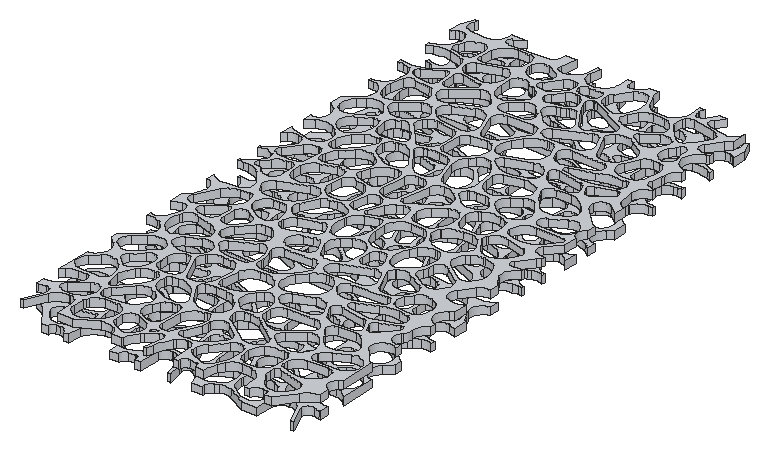
Revit family "Fam4", category Generic Models, Revit 2021
Family settings
  Can host rebar = No
  Round Connector Dimension = Use Diameter
  Part Type = Normal
  Work Plane-Based = No
  Always vertical = No
  Cut with Voids When Loaded = No
  Shared = No
  Room Calculation Point = No
Parameters
  Material = none
Reference planes
  plane 1: y = 0
  plane 2: z = 0
  plane 3: x = 0
Forms (mm)
  Extrusion 1, solid, material <- "Material"
    sketch origin (50371.083, 4143.12, 0) x (1, 0, 0) y (0, 1, 0)
      loop
        line (-48772.615, 2748.61) -> (-48899.676, 2567.149)
        arc (-48899.676, 2567.149) -> (-48946.377, 2328.18) -> (-48800.43, 2133.279) r 300
        line (-48800.43, 2133.279) -> (-48058.435, 1718.064)
        arc (-48058.435, 1718.064) -> (-47805.797, 1707.524) -> (-47647.682, 1904.848) r 280
        arc (-47647.682, 1904.848) -> (-47653.935, 2128.31) -> (-47760.721, 2324.705) r 480
        line (-47760.721, 2324.705) -> (-48152.859, 2760.22)
        arc (-48152.859, 2760.22) -> (-48253.782, 2833.544) -> (-48375.803, 2859.48) r 300
        line (-48375.803, 2859.48) -> (-48559.636, 2859.48)
        arc (-48559.636, 2859.48) -> (-48679.69, 2830.103) -> (-48772.615, 2748.61) r 260
      loop
        arc (-50226.587, 3022.749) -> (-50181.858, 3313.156) -> (-50338.409, 3561.811) r 420
        line (-50338.409, 3561.811) -> (-50583.588, 3748.794)
        arc (-50583.588, 3748.794) -> (-50806.297, 3826.559) -> (-51031.984, 3757.916) r 380
        line (-51031.984, 3757.916) -> (-51114.062, 3700.445)
        arc (-51114.062, 3700.445) -> (-51258.241, 3536.039) -> (-51310.216, 3323.635) r 460
        line (-51310.216, 3323.635) -> (-51310.216, 2950.731)
        arc (-51310.216, 2950.731) -> (-51242.488, 2728.03) -> (-51062.238, 2580.745) r 400
        line (-51062.238, 2580.745) -> (-50846.267, 2492.006)
        arc (-50846.267, 2492.006) -> (-50619.328, 2485.824) -> (-50445.399, 2631.728) r 320
        line (-50445.399, 2631.728) -> (-50226.587, 3022.749)
      loop
        line (-47984.157, 13434.264) -> (-47386.756, 13226.05)
        arc (-47386.756, 13226.05) -> (-47196.04, 13258.697) -> (-47122.219, 13437.552) r 200
        line (-47122.219, 13437.552) -> (-47165.406, 13816.546)
        arc (-47165.406, 13816.546) -> (-47332.887, 14149.622) -> (-47676.271, 14294.798) r 540
        line (-47676.271, 14294.798) -> (-48043.878, 14312.288)
        arc (-48043.878, 14312.288) -> (-48260.945, 14233.688) -> (-48357.913, 14024.18) r 300
        line (-48357.913, 14024.18) -> (-48359.437, 13984.632)
        arc (-48359.437, 13984.632) -> (-48262.528, 13647.581) -> (-47984.157, 13434.264) r 560
      loop
        line (-47255.106, 13074.266) -> (-47945.471, 13314.881)
        arc (-47945.471, 13314.881) -> (-48248.914, 13274.733) -> (-48397.118, 13006.916) r 340
        line (-48397.118, 13006.916) -> (-48403.257, 12847.621)
        arc (-48403.257, 12847.621) -> (-48258.703, 12504.326) -> (-47902.646, 12394.916) r 440
        line (-47902.646, 12394.916) -> (-47456.041, 12457.37)
        arc (-47456.041, 12457.37) -> (-47229.877, 12569.398) -> (-47115.81, 12794.541) r 400
        line (-47115.81, 12794.541) -> (-47109.915, 12834.086)
        arc (-47109.915, 12834.086) -> (-47139.238, 12980.334) -> (-47255.106, 13074.266) r 220
      loop
        line (-47053.742, 13719.867) -> (-47013.76, 13368.998)
        arc (-47013.76, 13368.998) -> (-46916.059, 13201.78) -> (-46726.702, 13161.143) r 240
        line (-46726.702, 13161.143) -> (-46423.906, 13223.758)
        arc (-46423.906, 13223.758) -> (-46257.088, 13352.981) -> (-46256.797, 13563.994) r 240
        line (-46256.797, 13563.994) -> (-46337.026, 13728.489)
        arc (-46337.026, 13728.489) -> (-46521.464, 13933.328) -> (-46786.423, 14009.304) r 500
        line (-46786.423, 14009.304) -> (-46795.414, 14009.304)
        arc (-46795.414, 14009.304) -> (-46989.39, 13922.431) -> (-47053.742, 13719.867) r 260
      loop
        arc (-45750.46, 14091.563) -> (-45683.991, 14061.829) -> (-45621.083, 14025.159) r 680
        line (-45621.083, 14025.159) -> (-45621.083, 14481.957) -> (-45797.577, 14860.448) -> (-45907.914, 14860.448) -> (-45849.925, 14736.089)
        arc (-45849.925, 14736.089) -> (-45868.8, 14448.114) -> (-46121.817, 14309.304) r 300
        line (-46121.817, 14309.304) -> (-46679.703, 14309.304)
        arc (-46679.703, 14309.304) -> (-46934.261, 14414.745) -> (-47039.703, 14669.304) r 360
        line (-47039.703, 14669.304) -> (-47039.703, 14860.448) -> (-47550.119, 14860.448) -> (-47219.119, 14676.972)
        arc (-47219.119, 14676.972) -> (-47142.781, 14493.301) -> (-47304.293, 14377.213) r 160
        line (-47304.293, 14377.213) -> (-48596.631, 14438.699)
        arc (-48596.631, 14438.699) -> (-48772.44, 14518.98) -> (-48844.274, 14698.406) r 260
        line (-48844.274, 14698.406) -> (-48844.274, 14860.448) -> (-49202.851, 14860.448) -> (-49108.603, 14299.926)
        arc (-49108.603, 14299.926) -> (-49148.684, 14153.83) -> (-49286.111, 14090.079) r 180
        line (-49286.111, 14090.079) -> (-49326.459, 14090.079)
        arc (-49326.459, 14090.079) -> (-49671.294, 14214.52) -> (-49857.197, 14530.489) r 540
        line (-49857.197, 14530.489) -> (-49919.111, 14860.448) -> (-50020.857, 14860.448) -> (-49951.714, 14491.971)
        arc (-49951.714, 14491.971) -> (-50037.031, 14162.768) -> (-50344.853, 14018.201) r 400
        line (-50344.853, 14018.201) -> (-50416.657, 14018.201)
        arc (-50416.657, 14018.201) -> (-50770.21, 14164.648) -> (-50916.657, 14518.201) r 500
        line (-50916.657, 14518.201) -> (-50916.657, 14860.448) -> (-51105.452, 14860.448) -> (-51105.452, 14672.894)
        arc (-51105.452, 14672.894) -> (-51179.004, 14549.668) -> (-51322.376, 14555.921) r 140
        line (-51322.376, 14555.921) -> (-51581.281, 14726.182)
        arc (-51581.281, 14726.182) -> (-51636.822, 14784.124) -> (-51661.655, 14860.448) r 180
        line (-51661.655, 14860.448) -> (-51936.021, 14860.448)
        arc (-51936.021, 14860.448) -> (-51968.448, 14673.338) -> (-52039.414, 14497.198) r 900
        line (-52039.414, 14497.198) -> (-52217.845, 14161.618)
        arc (-52217.845, 14161.618) -> (-52369.036, 14000.808) -> (-52580.89, 13938.869) r 420
        line (-52580.89, 13938.869) -> (-52846.749, 13933.935)
        arc (-52846.749, 13933.935) -> (-53143.047, 14032.229) -> (-53312.227, 14294.589) r 469.549
        arc (-53312.227, 14294.589) -> (-53341.388, 14488.556) -> (-53337.451, 14684.663) r 1160
        line (-53337.451, 14684.663) -> (-53318.975, 14860.448) -> (-53474.575, 14860.448)
        arc (-53474.575, 14860.448) -> (-53442.971, 14771.248) -> (-53438.838, 14676.704) r 320
        line (-53438.838, 14676.704) -> (-53446.099, 14607.622)
        arc (-53446.099, 14607.622) -> (-53457.699, 14550.829) -> (-53480.004, 14497.327) r 300
        arc (-53480.004, 14497.327) -> (-53593.863, 14423.759) -> (-53716.677, 14481.142) r 140
        line (-53716.677, 14481.142) -> (-53977.126, 14839.619)
        arc (-53977.126, 14839.619) -> (-53983.72, 14849.728) -> (-53989.265, 14860.448) r 120
        line (-53989.265, 14860.448) -> (-54222.279, 14860.448) -> (-54012.118, 14571.186)
        arc (-54012.118, 14571.186) -> (-53987.838, 14380.329) -> (-54135.76, 14257.304) r 200
        line (-54135.76, 14257.304) -> (-54728.403, 14142.106)
        arc (-54728.403, 14142.106) -> (-54908.947, 14167.479) -> (-55035.596, 14298.628) r 280
        line (-55035.596, 14298.628) -> (-55121.083, 14481.957) -> (-55121.083, 14025.159)
        arc (-55121.083, 14025.159) -> (-55019.016, 13942.986) -> (-54934.605, 13842.762) r 680
        line (-54934.605, 13842.762) -> (-54633.138, 13405.369)
        arc (-54633.138, 13405.369) -> (-54639.322, 13147.143) -> (-54886.686, 13072.776) r 220
        line (-54886.686, 13072.776) -> (-55121.083, 13154.471) -> (-55121.083, 13048.571) -> (-54994.323, 13004.391)
        arc (-54994.323, 13004.391) -> (-54649.518, 12448.551) -> (-55121.083, 11995.258) r 520
        line (-55121.083, 11995.258) -> (-55121.083, 11857.07)
        arc (-55121.083, 11857.07) -> (-54929.27, 11717.01) -> (-54858.078, 11490.425) r 380
        arc (-54858.078, 11490.425) -> (-54855.819, 11430.932) -> (-54847.473, 11371.985) r 580
        line (-54847.473, 11371.985) -> (-54778.778, 11018.579)
        arc (-54778.778, 11018.579) -> (-54829.179, 10820.126) -> (-55014.369, 10732.785) r 240
        line (-55014.369, 10732.785) -> (-55121.083, 10732.785) -> (-55121.083, 10632.757)
        arc (-55121.083, 10632.757) -> (-54829.039, 10490.247) -> (-54753.946, 10174.082) r 380
        line (-54753.946, 10174.082) -> (-54865.457, 9647.351)
        arc (-54865.457, 9647.351) -> (-54958.516, 9509.957) -> (-55121.083, 9476.657) r 220
        line (-55121.083, 9476.657) -> (-55121.083, 9057.603) -> (-54749.218, 9337.824)
        arc (-54749.218, 9337.824) -> (-54469.82, 9359.283) -> (-54333.213, 9114.615) r 260
        arc (-54333.213, 9114.615) -> (-54376.313, 8939.457) -> (-54478.763, 8790.991) r 500
        line (-54478.763, 8790.991) -> (-54974.144, 8295.61)
        arc (-54974.144, 8295.61) -> (-55041.862, 8244.788) -> (-55121.083, 8214.911) r 300
        line (-55121.083, 8214.911) -> (-55121.083, 7921.245)
        arc (-55121.083, 7921.245) -> (-54984.611, 7669.732) -> (-55121.083, 7418.219) r 300
        line (-55121.083, 7418.219) -> (-55121.083, 6989.063) -> (-54744.43, 6540.185)
        arc (-54744.43, 6540.185) -> (-54700.027, 6311.752) -> (-54870.219, 6153.045) r 240
        line (-54870.219, 6153.045) -> (-54995.054, 6121.92)
        arc (-54995.054, 6121.92) -> (-55057.66, 6111.765) -> (-55121.083, 6112.165) r 380
        line (-55121.083, 6112.165) -> (-55121.083, 6017.819)
        arc (-55121.083, 6017.819) -> (-55050.443, 5966.625) -> (-54991.292, 5902.5) r 440
        line (-54991.292, 5902.5) -> (-54648.6, 5447.732)
        arc (-54648.6, 5447.732) -> (-54639.959, 5267.842) -> (-54804.166, 5193.872) r 160
        line (-54804.166, 5193.872) -> (-55121.083, 5249.753) -> (-55121.083, 5172.729)
        arc (-55121.083, 5172.729) -> (-54828.629, 4905.176) -> (-54870.035, 4510.968) r 440
        line (-54870.035, 4510.968) -> (-55000.785, 4307.83)
        arc (-55000.785, 4307.83) -> (-55056.138, 4233.5) -> (-55121.083, 4167.387) r 680
        line (-55121.083, 4167.387) -> (-55121.083, 3874.863)
        arc (-55121.083, 3874.863) -> (-54909.763, 3846.555) -> (-54743.005, 3713.703) r 400
        line (-54743.005, 3713.703) -> (-54442.253, 3299.753)
        arc (-54442.253, 3299.753) -> (-54414.376, 2945.549) -> (-54717.318, 2759.906) r 340
        line (-54717.318, 2759.906) -> (-54861.689, 2759.906)
        arc (-54861.689, 2759.906) -> (-54997.431, 2780.39) -> (-55121.083, 2840.018) r 460
        line (-55121.083, 2840.018) -> (-55121.083, 2375.429)
        arc (-55121.083, 2375.429) -> (-55045.427, 2333.721) -> (-54973.52, 2285.836) r 1032.894
        arc (-54973.52, 2285.836) -> (-54806.106, 1859.99) -> (-55121.083, 1528.083) r 426.028
        line (-55121.083, 1528.083) -> (-55121.083, 1368.807)
        arc (-55121.083, 1368.807) -> (-54911.851, 1171.043) -> (-54869.69, 886.244) r 440
        arc (-54869.69, 886.244) -> (-54863.744, 749.679) -> (-54797.826, 629.928) r 300
        line (-54797.826, 629.928) -> (-54754.065, 581.327)
        arc (-54754.065, 581.327) -> (-54741.741, 194.445) -> (-55121.083, 117.448) r 300
        line (-55121.083, 117.448) -> (-55121.083, -88.228)
        arc (-55121.083, -88.228) -> (-54635.986, -103.878) -> (-54607.337, -588.382) r 360
        line (-54607.337, -588.382) -> (-54939.805, -998.947)
        arc (-54939.805, -998.947) -> (-55020.691, -1067.091) -> (-55121.083, -1100.371) r 280
        line (-55121.083, -1100.371) -> (-55121.083, -2289.624) -> (-55010.329, -2400.378)
        arc (-55010.329, -2400.378) -> (-54923.503, -2692.742) -> (-55121.083, -2925.073) r 320
        line (-55121.083, -2925.073) -> (-55121.083, -3246.927)
        arc (-55121.083, -3246.927) -> (-54854.221, -3358.79) -> (-54644.608, -3558.267) r 800
        line (-54644.608, -3558.267) -> (-54222.279, -4139.552) -> (-53989.265, -4139.552)
        arc (-53989.265, -4139.552) -> (-53980.951, -4024.903) -> (-53880.044, -3969.846) r 120
        line (-53880.044, -3969.846) -> (-53757.085, -3969.846)
        arc (-53757.085, -3969.846) -> (-53592.304, -4015.534) -> (-53474.575, -4139.552) r 320
        line (-53474.575, -4139.552) -> (-53318.975, -4139.552) -> (-53275.757, -3728.359)
        arc (-53275.757, -3728.359) -> (-53124.116, -3419.311) -> (-52808.644, -3281.533) r 500
        line (-52808.644, -3281.533) -> (-52501.427, -3262.975)
        arc (-52501.427, -3262.975) -> (-52272.662, -3318.562) -> (-52114.786, -3493.2) r 400
        line (-52114.786, -3493.2) -> (-52018.39, -3699.921)
        arc (-52018.39, -3699.921) -> (-51949.459, -3914.538) -> (-51936.021, -4139.552) r 900
        line (-51936.021, -4139.552) -> (-51661.655, -4139.552)
        arc (-51661.655, -4139.552) -> (-51621.91, -4009.709) -> (-51502.758, -3944.582) r 180
        line (-51502.758, -3944.582) -> (-51305.832, -3922.142)
        arc (-51305.832, -3922.142) -> (-51165.595, -3966.693) -> (-51105.452, -4100.984) r 180
        line (-51105.452, -4100.984) -> (-51105.452, -4139.552) -> (-50916.657, -4139.552) -> (-50916.657, -3446.845)
        arc (-50916.657, -3446.845) -> (-50835.629, -3258.248) -> (-50643.049, -3187.201) r 260
        line (-50643.049, -3187.201) -> (-50597.026, -3189.613)
        arc (-50597.026, -3189.613) -> (-50452.587, -3230.35) -> (-50339.755, -3329.3) r 340
        line (-50339.755, -3329.3) -> (-50294.743, -3391.255)
        arc (-50294.743, -3391.255) -> (-50146.048, -3652.4) -> (-50058.334, -3939.824) r 1360
        line (-50058.334, -3939.824) -> (-50020.857, -4139.552) -> (-49919.111, -4139.552) -> (-50012.711, -3640.735)
        arc (-50012.711, -3640.735) -> (-50023.651, -3603.439) -> (-50041.77, -3569.054) r 195
        arc (-50041.77, -3569.054) -> (-50016.216, -3362.551) -> (-49808.243, -3355.922) r 160
        line (-49808.243, -3355.922) -> (-49502.132, -3601.463) -> (-49428.565, -3675.031)
        arc (-49428.565, -3675.031) -> (-49285.905, -3870.407) -> (-49209.51, -4099.945) r 785
        line (-49209.51, -4099.945) -> (-49202.851, -4139.552) -> (-48844.274, -4139.552) -> (-48844.274, -4097.207)
        arc (-48844.274, -4097.207) -> (-48806.762, -3957.207) -> (-48704.274, -3854.72) r 280
        line (-48704.274, -3854.72) -> (-48586.63, -3786.798)
        arc (-48586.63, -3786.798) -> (-48390.121, -3733.223) -> (-48192.706, -3783.36) r 400
        line (-48192.706, -3783.36) -> (-47550.119, -4139.552) -> (-47039.703, -4139.552) -> (-47039.703, -3549.604)
        arc (-47039.703, -3549.604) -> (-46940.119, -3309.187) -> (-46699.703, -3209.604) r 340
        line (-46699.703, -3209.604) -> (-46660.092, -3209.604)
        arc (-46660.092, -3209.604) -> (-46391.442, -3287.908) -> (-46206.938, -3498.294) r 500
        line (-46206.938, -3498.294) -> (-45907.914, -4139.552) -> (-45797.577, -4139.552) -> (-46102.802, -3484.994)
        arc (-46102.802, -3484.994) -> (-46081.267, -3280.108) -> (-45890.253, -3202.933) r 200
        line (-45890.253, -3202.933) -> (-45666.674, -3238.345)
        arc (-45666.674, -3238.345) -> (-45643.816, -3242.305) -> (-45621.083, -3246.927) r 800
        line (-45621.083, -3246.927) -> (-45621.083, -2925.073)
        arc (-45621.083, -2925.073) -> (-45791.726, -2941.869) -> (-45946.542, -2868.159) r 320
        line (-45946.542, -2868.159) -> (-46449.643, -2430.82)
        arc (-46449.643, -2430.82) -> (-46511.378, -2187.739) -> (-46305.31, -2044.784) r 220
        line (-46305.31, -2044.784) -> (-46056.461, -2044.784)
        arc (-46056.461, -2044.784) -> (-45880.427, -2079.8) -> (-45731.192, -2179.515) r 460
        line (-45731.192, -2179.515) -> (-45621.083, -2289.624) -> (-45621.083, -1100.371)
        arc (-45621.083, -1100.371) -> (-45747.516, -1087.841) -> (-45855.396, -1020.727) r 280
        line (-45855.396, -1020.727) -> (-45879.992, -996.131)
        arc (-45879.992, -996.131) -> (-46014.723, -670.862) -> (-45879.992, -345.593) r 460
        line (-45879.992, -345.593) -> (-45641.668, -107.268)
        arc (-45641.668, -107.268) -> (-45631.561, -97.548) -> (-45621.083, -88.228) r 360
        line (-45621.083, -88.228) -> (-45621.083, 117.448)
        arc (-45621.083, 117.448) -> (-45648.441, 134.395) -> (-45673.826, 154.175) r 300
        line (-45673.826, 154.175) -> (-46228.497, 636.343)
        arc (-46228.497, 636.343) -> (-46352.097, 895.475) -> (-46246.875, 1162.597) r 360
        line (-46246.875, 1162.597) -> (-46162.464, 1247.007)
        arc (-46162.464, 1247.007) -> (-46067.414, 1323.845) -> (-45958.373, 1379.058) r 580
        arc (-45958.373, 1379.058) -> (-45788.706, 1407.552) -> (-45621.083, 1368.807) r 440
        line (-45621.083, 1368.807) -> (-45621.083, 1528.083)
        arc (-45621.083, 1528.083) -> (-45711.857, 1515.577) -> (-45803.205, 1522.771) r 426.028
        arc (-45803.205, 1522.771) -> (-45960.297, 1597.725) -> (-46059.711, 1740.599) r 340
        line (-46059.711, 1740.599) -> (-46199.396, 2124.38)
        arc (-46199.396, 2124.38) -> (-46155.102, 2379.406) -> (-45912.555, 2469.804) r 260
        arc (-45912.555, 2469.804) -> (-45763.301, 2433.483) -> (-45621.083, 2375.429) r 1032.894
        line (-45621.083, 2375.429) -> (-45621.083, 2840.018)
        arc (-45621.083, 2840.018) -> (-45704.65, 2913.348) -> (-45768.183, 3004.585) r 460
        line (-45768.183, 3004.585) -> (-45920.085, 3291.354)
        arc (-45920.085, 3291.354) -> (-45922.597, 3661.003) -> (-45621.083, 3874.863) r 400
        line (-45621.083, 3874.863) -> (-45621.083, 4167.387)
        arc (-45621.083, 4167.387) -> (-45870.348, 4026.634) -> (-46155.451, 4000.934) r 680
        line (-46155.451, 4000.934) -> (-46532.177, 4047.19)
        arc (-46532.177, 4047.19) -> (-46788.1, 4240.622) -> (-46747.627, 4558.858) r 320
        line (-46747.627, 4558.858) -> (-46517.59, 4860.489)
        arc (-46517.59, 4860.489) -> (-46267.297, 5076.17) -> (-45951.195, 5172.314) r 800
        line (-45951.195, 5172.314) -> (-45778.369, 5187.434)
        arc (-45778.369, 5187.434) -> (-45699.061, 5187.198) -> (-45621.083, 5172.729) r 440
        line (-45621.083, 5172.729) -> (-45621.083, 5249.76)
        arc (-45621.083, 5249.76) -> (-45796.912, 5315.619) -> (-45936.052, 5441.686) r 500
        line (-45936.052, 5441.686) -> (-46176.147, 5760.303)
        arc (-46176.147, 5760.303) -> (-46202.546, 5899.351) -> (-46108.303, 6004.943) r 160
        line (-46108.303, 6004.943) -> (-46007.519, 6045.662)
        arc (-46007.519, 6045.662) -> (-45811.072, 6076.563) -> (-45621.083, 6017.819) r 440
        line (-45621.083, 6017.819) -> (-45621.083, 6112.165)
        arc (-45621.083, 6112.165) -> (-45771.642, 6158.515) -> (-45890.466, 6261.942) r 380
        line (-45890.466, 6261.942) -> (-46273.435, 6770.159)
        arc (-46273.435, 6770.159) -> (-46309.663, 6989.835) -> (-46149.762, 7144.76) r 240
        line (-46149.762, 7144.76) -> (-46006.718, 7187.021)
        arc (-46006.718, 7187.021) -> (-45846.594, 7186.586) -> (-45712.892, 7098.476) r 280
        line (-45712.892, 7098.476) -> (-45621.083, 6989.063) -> (-45621.083, 7418.219)
        arc (-45621.083, 7418.219) -> (-45659.036, 7397.279) -> (-45699.611, 7382.026) r 300
        line (-45699.611, 7382.026) -> (-46331.687, 7195.285)
        arc (-46331.687, 7195.285) -> (-46666.826, 7255.317) -> (-46819.354, 7559.713) r 380
        line (-46819.354, 7559.713) -> (-46819.354, 7587.115)
        arc (-46819.354, 7587.115) -> (-46761.421, 7815.718) -> (-46601.606, 7989.14) r 480
        line (-46601.606, 7989.14) -> (-46422.286, 8106.116)
        arc (-46422.286, 8106.116) -> (-46136.531, 8187.182) -> (-45855.214, 8091.849) r 500
        line (-45855.214, 8091.849) -> (-45621.083, 7921.743) -> (-45621.083, 8214.911)
        arc (-45621.083, 8214.911) -> (-45841.93, 8251.282) -> (-45976.136, 8430.405) r 300
        arc (-45976.136, 8430.405) -> (-45966.542, 8698.981) -> (-45808.518, 8916.361) r 460
        line (-45808.518, 8916.361) -> (-45621.083, 9057.603) -> (-45621.083, 9476.657)
        arc (-45621.083, 9476.657) -> (-45678.129, 9495.673) -> (-45727.896, 9529.424) r 220
        line (-45727.896, 9529.424) -> (-46060.826, 9829.196)
        arc (-46060.826, 9829.196) -> (-46195.917, 10046.755) -> (-46193.742, 10302.834) r 460
        line (-46193.742, 10302.834) -> (-46184.686, 10333.117)
        arc (-46184.686, 10333.117) -> (-46033.152, 10549.638) -> (-45782.293, 10632.785) r 420
        line (-45782.293, 10632.785) -> (-45621.083, 10632.785) -> (-45621.083, 10732.785) -> (-45733.269, 10732.785)
        arc (-45733.269, 10732.785) -> (-46011.113, 10831.607) -> (-46164.152, 11083.683) r 440
        line (-46164.152, 11083.683) -> (-46209.426, 11302.621)
        arc (-46209.426, 11302.621) -> (-46218.53, 11487.221) -> (-46171.016, 11665.834) r 600
        line (-46171.016, 11665.834) -> (-46166.056, 11677.103)
        arc (-46166.056, 11677.103) -> (-46071.286, 11796.391) -> (-45930.142, 11853.746) r 300
        line (-45930.142, 11853.746) -> (-45787.02, 11872.347)
        arc (-45787.02, 11872.347) -> (-45703.204, 11873.916) -> (-45621.083, 11857.07) r 380
        line (-45621.083, 11857.07) -> (-45621.083, 11994.755) -> (-45836.74, 11966.726)
        arc (-45836.74, 11966.726) -> (-46112.265, 11976.541) -> (-46369.771, 12075.032) r 840
        line (-46369.771, 12075.032) -> (-46863.287, 12364.3)
        arc (-46863.287, 12364.3) -> (-46998.051, 12510.863) -> (-47027.642, 12707.755) r 340
        line (-47027.642, 12707.755) -> (-47020.239, 12757.418)
        arc (-47020.239, 12757.418) -> (-46925.751, 12951.681) -> (-46737.075, 13056.882) r 360
        line (-46737.075, 13056.882) -> (-46322.263, 13142.66)
        arc (-46322.263, 13142.66) -> (-46054.08, 13161.22) -> (-45790.644, 13107.669) r 1000
        line (-45790.644, 13107.669) -> (-45621.083, 13048.571) -> (-45621.083, 13154.471) -> (-45794.427, 13214.887)
        arc (-45794.427, 13214.887) -> (-45981.976, 13324.971) -> (-46113.447, 13498.201) r 560
        line (-46113.447, 13498.201) -> (-46206.072, 13688.111)
        arc (-46206.072, 13688.111) -> (-46212.337, 13955.019) -> (-46014.037, 14133.782) r 320
        arc (-46014.037, 14133.782) -> (-45929.745, 14145.293) -> (-45846.358, 14128.435) r 255
        line (-45846.358, 14128.435) -> (-45750.46, 14091.563)
      loop
        line (-46843.388, 11467.071) -> (-46499.368, 11517.345)
        arc (-46499.368, 11517.345) -> (-46361.04, 11575.483) -> (-46268.169, 11693.337) r 300
        line (-46268.169, 11693.337) -> (-46253.421, 11726.843)
        arc (-46253.421, 11726.843) -> (-46247.637, 11840.566) -> (-46318.956, 11929.335) r 160
        line (-46318.956, 11929.335) -> (-46887.005, 12262.29)
        arc (-46887.005, 12262.29) -> (-47020.948, 12266.458) -> (-47097.032, 12156.143) r 140
        line (-47097.032, 12156.143) -> (-47139.56, 11751.516)
        arc (-47139.56, 11751.516) -> (-47061.082, 11536.816) -> (-46843.388, 11467.071) r 260
      loop
        line (-48065.558, 12028.044) -> (-47523.897, 11634.504)
        arc (-47523.897, 11634.504) -> (-47344.883, 11615.689) -> (-47239.081, 11761.312) r 180
        line (-47239.081, 11761.312) -> (-47193.757, 12192.542)
        arc (-47193.757, 12192.542) -> (-47241.696, 12324.323) -> (-47375.04, 12367.725) r 160
        line (-47375.04, 12367.725) -> (-48002.657, 12279.957)
        arc (-48002.657, 12279.957) -> (-48119.098, 12175.222) -> (-48065.558, 12028.044) r 140
      loop
        line (-46274.435, 10382.028) -> (-46217.818, 10571.36)
        arc (-46217.818, 10571.36) -> (-46198.556, 10685.657) -> (-46207.852, 10801.193) r 470
        line (-46207.852, 10801.193) -> (-46294.042, 11217.994)
        arc (-46294.042, 11217.994) -> (-46391.407, 11365.987) -> (-46563.774, 11406.871) r 240
        line (-46563.774, 11406.871) -> (-47099.449, 11328.589)
        arc (-47099.449, 11328.589) -> (-47195.378, 11296.052) -> (-47273.453, 11231.513) r 280
        line (-47273.453, 11231.513) -> (-47398.598, 11082.371)
        arc (-47398.598, 11082.371) -> (-47480.138, 10807.094) -> (-47334.424, 10559.721) r 360
        line (-47334.424, 10559.721) -> (-46830.946, 10193.923)
        arc (-46830.946, 10193.923) -> (-46504.068, 10144.125) -> (-46274.435, 10382.028) r 360
      loop
        line (-47546.682, 11527.452) -> (-48241.118, 12031.989)
        arc (-48241.118, 12031.989) -> (-48454.014, 12087.048) -> (-48647.267, 11982.12) r 300
        line (-48647.267, 11982.12) -> (-48880.403, 11704.279)
        arc (-48880.403, 11704.279) -> (-48934.385, 11477.881) -> (-48785.506, 11298.98) r 260
        line (-48785.506, 11298.98) -> (-47925.791, 10922.593)
        arc (-47925.791, 10922.593) -> (-47749.663, 10906.462) -> (-47599.004, 10999.108) r 280
        line (-47599.004, 10999.108) -> (-47496.769, 11120.947)
        arc (-47496.769, 11120.947) -> (-47433.349, 11335.051) -> (-47546.682, 11527.452) r 280
      loop
        line (-48934.099, 13144.946) -> (-49000.303, 13101.759)
        arc (-49000.303, 13101.759) -> (-49102.611, 13045.159) -> (-49212.038, 13003.976) r 805
        line (-49212.038, 13003.976) -> (-49258.897, 12990.132)
        arc (-49258.897, 12990.132) -> (-49564.978, 12657.918) -> (-49417.056, 12231.103) r 440
        line (-49417.056, 12231.103) -> (-49179.785, 12032.008)
        arc (-49179.785, 12032.008) -> (-48931.604, 11953.757) -> (-48700.782, 12073.916) r 340
        line (-48700.782, 12073.916) -> (-48696.704, 12078.776)
        arc (-48696.704, 12078.776) -> (-48566.532, 12299.308) -> (-48514.797, 12550.112) r 780
        line (-48514.797, 12550.112) -> (-48501.326, 12899.649)
        arc (-48501.326, 12899.649) -> (-48643.05, 13154.024) -> (-48934.099, 13144.946) r 280
      loop
        line (-49991.175, 12189.181) -> (-50218.734, 11948.351)
        arc (-50218.734, 11948.351) -> (-50270.906, 11672.599) -> (-50042.109, 11510.078) r 260
        line (-50042.109, 11510.078) -> (-49403.485, 11479.694)
        arc (-49403.485, 11479.694) -> (-49148.991, 11644.693) -> (-49224.004, 11938.571) r 260
        line (-49224.004, 11938.571) -> (-49552.891, 12214.54)
        arc (-49552.891, 12214.54) -> (-49777.067, 12288.872) -> (-49991.175, 12189.181) r 320
      loop
        line (-48466.589, 13800.968) -> (-48463.885, 13871.148)
        arc (-48463.885, 13871.148) -> (-48582.661, 14111.003) -> (-48848.567, 14141.542) r 280
        line (-48848.567, 14141.542) -> (-49206.227, 13997.039)
        arc (-49206.227, 13997.039) -> (-49359.97, 13823.264) -> (-49313.712, 13595.899) r 260
        line (-49313.712, 13595.899) -> (-49251.398, 13516.14)
        arc (-49251.398, 13516.14) -> (-48989.328, 13360.407) -> (-48690.962, 13422.947) r 420
        line (-48690.962, 13422.947) -> (-48674.923, 13433.41)
        arc (-48674.923, 13433.41) -> (-48526.062, 13591.856) -> (-48466.589, 13800.968) r 460
      loop
        line (-50940.524, 13797.813) -> (-50940.114, 13670.992)
        arc (-50940.114, 13670.992) -> (-50900.327, 13551.923) -> (-50797.415, 13480.023) r 200
        line (-50797.415, 13480.023) -> (-50786.365, 13476.718)
        arc (-50786.365, 13476.718) -> (-50666.842, 13456.622) -> (-50546.042, 13466.476) r 490
        line (-50546.042, 13466.476) -> (-50371.493, 13502.84)
        arc (-50371.493, 13502.84) -> (-50253.169, 13570.676) -> (-50197.567, 13695.22) r 220
        line (-50197.567, 13695.22) -> (-50195.027, 13719.386)
        arc (-50195.027, 13719.386) -> (-50240.275, 13858.645) -> (-50374.041, 13918.201) r 180
        line (-50374.041, 13918.201) -> (-50820.524, 13918.201)
        arc (-50820.524, 13918.201) -> (-50905.514, 13882.917) -> (-50940.524, 13797.813) r 120
      loop
        line (-50016.803, 13387.003) -> (-49845.987, 13177.168)
        arc (-49845.987, 13177.168) -> (-49654.038, 13047.577) -> (-49422.444, 13046.086) r 400
        line (-49422.444, 13046.086) -> (-49341.929, 13069.874)
        arc (-49341.929, 13069.874) -> (-49221.517, 13187.561) -> (-49251.087, 13353.316) r 180
        line (-49251.087, 13353.316) -> (-49602.34, 13802.9)
        arc (-49602.34, 13802.9) -> (-49707.232, 13887.839) -> (-49838.743, 13918.201) r 300
        line (-49838.743, 13918.201) -> (-49911.508, 13918.201)
        arc (-49911.508, 13918.201) -> (-50031.951, 13871.967) -> (-50090.522, 13757.016) r 180
        line (-50090.522, 13757.016) -> (-50100.022, 13666.624)
        arc (-50100.022, 13666.624) -> (-50086.316, 13518.509) -> (-50016.803, 13387.003) r 380
      loop
        line (-50629.34, 12660.704) -> (-50675.685, 12693.155)
        arc (-50675.685, 12693.155) -> (-50843.81, 12730.427) -> (-50989.048, 12637.9) r 225
        line (-50989.048, 12637.9) -> (-51342.489, 12133.135)
        arc (-51342.489, 12133.135) -> (-51375.185, 11951.544) -> (-51258.123, 11808.924) r 220
        line (-51258.123, 11808.924) -> (-51085.793, 11725.513)
        arc (-51085.793, 11725.513) -> (-50753.074, 11680.438) -> (-50458.032, 11840.7) r 540
        line (-50458.032, 11840.7) -> (-50213.804, 12099.172)
        arc (-50213.804, 12099.172) -> (-50148.754, 12370.666) -> (-50350.699, 12563.433) r 280
        line (-50350.699, 12563.433) -> (-50490.05, 12597.571)
        arc (-50490.05, 12597.571) -> (-50562.628, 12622.666) -> (-50629.34, 12660.704) r 415
      loop
        line (-50863.377, 13046.355) -> (-50803.144, 13194.368)
        arc (-50803.144, 13194.368) -> (-50807.054, 13323.82) -> (-50905.502, 13407.97) r 160
        line (-50905.502, 13407.97) -> (-50921.556, 13412.771)
        arc (-50921.556, 13412.771) -> (-50984.119, 13419.331) -> (-51044.785, 13402.692) r 170
        line (-51044.785, 13402.692) -> (-52252.722, 12813.542)
        arc (-52252.722, 12813.542) -> (-52395.18, 12622.768) -> (-52322.593, 12396.008) r 260
        line (-52322.593, 12396.008) -> (-52317.079, 12390.493)
        arc (-52317.079, 12390.493) -> (-52174.137, 12269.668) -> (-52013.069, 12174.334) r 1120
        line (-52013.069, 12174.334) -> (-51811.79, 12076.91)
        arc (-51811.79, 12076.91) -> (-51605.539, 12056.611) -> (-51435.344, 12174.869) r 300
        line (-51435.344, 12174.869) -> (-50997.239, 12800.547)
        arc (-50997.239, 12800.547) -> (-50923.407, 12919.693) -> (-50863.377, 13046.355) r 1250
      loop
        line (-52060.235, 13377.029) -> (-52213.713, 13640.514)
        arc (-52213.713, 13640.514) -> (-52363.244, 13787.811) -> (-52566.773, 13839.114) r 400
        line (-52566.773, 13839.114) -> (-52950.637, 13831.99)
        arc (-52950.637, 13831.99) -> (-53145.858, 13782.239) -> (-53298.441, 13650.692) r 440
        line (-53298.441, 13650.692) -> (-53362.702, 13562.244)
        arc (-53362.702, 13562.244) -> (-53415.13, 13332.086) -> (-53284.834, 13135.251) r 300
        line (-53284.834, 13135.251) -> (-53061.334, 12988.273)
        arc (-53061.334, 12988.273) -> (-52653.483, 12851.829) -> (-52231.558, 12935.124) r 840
        line (-52231.558, 12935.124) -> (-52187.953, 12956.392)
        arc (-52187.953, 12956.392) -> (-52032.404, 13138.871) -> (-52060.235, 13377.029) r 300
      loop
        line (-51040.385, 13754.779) -> (-51040.72, 13858.434)
        arc (-51040.72, 13858.434) -> (-51055.571, 13945.877) -> (-51097.956, 14023.789) r 270
        line (-51097.956, 14023.789) -> (-51418.218, 14433.706)
        arc (-51418.218, 14433.706) -> (-51715.775, 14563.088) -> (-51986.344, 14384.002) r 340
        line (-51986.344, 14384.002) -> (-52042.386, 14278.603)
        arc (-52042.386, 14278.603) -> (-52133.54, 13897.301) -> (-52027.681, 13519.818) r 780
        line (-52027.681, 13519.818) -> (-51938.475, 13366.673)
        arc (-51938.475, 13366.673) -> (-51777.877, 13239.682) -> (-51573.784, 13255.942) r 280
        line (-51573.784, 13255.942) -> (-51253.802, 13412.008)
        arc (-51253.802, 13412.008) -> (-51097.8, 13552.702) -> (-51040.385, 13754.779) r 380
      loop
        line (-53916.472, 13125.766) -> (-53797.881, 13218.419)
        arc (-53797.881, 13218.419) -> (-53664.136, 13338.844) -> (-53548.453, 13476.71) r 1290
        line (-53548.453, 13476.71) -> (-53387.808, 13697.819)
        arc (-53387.808, 13697.819) -> (-53316.681, 13888.058) -> (-53353.693, 14087.758) r 380
        line (-53353.693, 14087.758) -> (-53384.29, 14150.492)
        arc (-53384.29, 14150.492) -> (-53474.81, 14241.805) -> (-53602.211, 14259.144) r 200
        line (-53602.211, 14259.144) -> (-54351.014, 14113.591)
        arc (-54351.014, 14113.591) -> (-54451.333, 14078.066) -> (-54536.882, 14014.764) r 360
        line (-54536.882, 14014.764) -> (-54607.503, 13944.142)
        arc (-54607.503, 13944.142) -> (-54656.592, 13839.377) -> (-54627.269, 13727.459) r 170
        line (-54627.269, 13727.459) -> (-54388.013, 13380.326)
        arc (-54388.013, 13380.326) -> (-54314.096, 13282.881) -> (-54231.633, 13192.554) r 1345
        line (-54231.633, 13192.554) -> (-54181.026, 13141.947)
        arc (-54181.026, 13141.947) -> (-54051.814, 13083.741) -> (-53916.472, 13125.766) r 200
      loop
        line (-52949.018, 12794.726) -> (-53400.33, 13091.518)
        arc (-53400.33, 13091.518) -> (-53612.803, 13150.431) -> (-53819.773, 13074.414) r 360
        line (-53819.773, 13074.414) -> (-53829.774, 13066.6)
        arc (-53829.774, 13066.6) -> (-53917.694, 12922.818) -> (-53889.398, 12756.679) r 240
        line (-53889.398, 12756.679) -> (-53767.189, 12546.875)
        arc (-53767.189, 12546.875) -> (-53523.591, 12361.44) -> (-53220.219, 12402.568) r 400
        line (-53220.219, 12402.568) -> (-52955.476, 12556.779)
        arc (-52955.476, 12556.779) -> (-52885.993, 12673.955) -> (-52949.018, 12794.726) r 140
      loop
        line (-53032.85, 12395.982) -> (-53450.692, 12152.592)
        arc (-53450.692, 12152.592) -> (-53650.249, 11900.223) -> (-53624.697, 11579.506) r 440
        line (-53624.697, 11579.506) -> (-53516.795, 11358.274)
        arc (-53516.795, 11358.274) -> (-53347.112, 11169.823) -> (-53103.35, 11099.925) r 460
        line (-53103.35, 11099.925) -> (-53030.698, 11099.925)
        arc (-53030.698, 11099.925) -> (-52886.488, 11139.918) -> (-52783.473, 11248.473) r 280
        line (-52783.473, 11248.473) -> (-52374.581, 12017.487)
        arc (-52374.581, 12017.487) -> (-52351.107, 12220.506) -> (-52471.848, 12385.398) r 280
        arc (-52471.848, 12385.398) -> (-52750.867, 12469.274) -> (-53032.85, 12395.982) r 540
      loop
        line (-50994.611, 11570.281) -> (-51965.845, 12040.378)
        arc (-51965.845, 12040.378) -> (-52159.835, 12053.504) -> (-52308.685, 11928.413) r 260
        line (-52308.685, 11928.413) -> (-52452.294, 11658.324)
        arc (-52452.294, 11658.324) -> (-52442.498, 11284.21) -> (-52116.774, 11099.925) r 380
        line (-52116.774, 11099.925) -> (-51232.894, 11099.925)
        arc (-51232.894, 11099.925) -> (-51081.149, 11126.919) -> (-50948.023, 11204.591) r 440
        arc (-50948.023, 11204.591) -> (-50872.223, 11400.061) -> (-50994.611, 11570.281) r 220
      loop
        line (-50775.152, 11239.457) -> (-50795.447, 11193.346)
        arc (-50795.447, 11193.346) -> (-50818.239, 11057.7) -> (-50773.687, 10927.567) r 280
        line (-50773.687, 10927.567) -> (-50409.198, 10368.817)
        arc (-50409.198, 10368.817) -> (-50242.543, 10203.429) -> (-50022.735, 10120.898) r 560
        line (-50022.735, 10120.898) -> (-49943.417, 10109.074)
        arc (-49943.417, 10109.074) -> (-49787.144, 10139.121) -> (-49684.02, 10260.32) r 240
        line (-49684.02, 10260.32) -> (-49395.453, 11010.829)
        arc (-49395.453, 11010.829) -> (-49422.298, 11264.316) -> (-49643.494, 11391) r 280
        line (-49643.494, 11391) -> (-50467.059, 11430.183)
        arc (-50467.059, 11430.183) -> (-50650.702, 11382.628) -> (-50775.152, 11239.457) r 320
      loop
        line (-49121.907, 10045.104) -> (-48451.346, 10132.257)
        arc (-48451.346, 10132.257) -> (-48252.864, 10200.808) -> (-48097.678, 10342.271) r 520
        line (-48097.678, 10342.271) -> (-48030.244, 10435.085)
        arc (-48030.244, 10435.085) -> (-47980.292, 10706.959) -> (-48160.793, 10916.314) r 320
        line (-48160.793, 10916.314) -> (-48754.268, 11176.141)
        arc (-48754.268, 11176.141) -> (-49084.535, 11178.97) -> (-49314.731, 10942.128) r 420
        line (-49314.731, 10942.128) -> (-49483.079, 10504.288)
        arc (-49483.079, 10504.288) -> (-49432.968, 10172.071) -> (-49121.907, 10045.104) r 340
      loop
        line (-46982.307, 10180.287) -> (-47449.568, 10519.771)
        arc (-47449.568, 10519.771) -> (-47687.718, 10576.946) -> (-47896.545, 10448.977) r 320
        line (-47896.545, 10448.977) -> (-48017.517, 10282.473)
        arc (-48017.517, 10282.473) -> (-48070.981, 10115.448) -> (-48014.608, 9949.383) r 280
        line (-48014.608, 9949.383) -> (-47926.672, 9832.69)
        arc (-47926.672, 9832.69) -> (-47804.34, 9702.65) -> (-47656.763, 9602.169) r 820
        line (-47656.763, 9602.169) -> (-47617.957, 9581.535)
        arc (-47617.957, 9581.535) -> (-47301.022, 9534.169) -> (-47024.909, 9696.812) r 480
        line (-47024.909, 9696.812) -> (-46935.96, 9802.817)
        arc (-46935.96, 9802.817) -> (-46877.07, 10001.628) -> (-46982.307, 10180.287) r 260
      loop
        line (-46001.78, 9641.468) -> (-46182.685, 9804.355)
        arc (-46182.685, 9804.355) -> (-46522.573, 9921.388) -> (-46842.865, 9758.191) r 460
        line (-46842.865, 9758.191) -> (-46962.234, 9615.933)
        arc (-46962.234, 9615.933) -> (-47022.597, 9382.526) -> (-46879.193, 9188.728) r 280
        line (-46879.193, 9188.728) -> (-46348.868, 8906.749)
        arc (-46348.868, 8906.749) -> (-46076.219, 8886.288) -> (-45876.663, 9073.192) r 340
        arc (-45876.663, 9073.192) -> (-45848.041, 9377.406) -> (-46001.78, 9641.468) r 500
      loop
        line (-46597.52, 8925.702) -> (-46969.325, 9123.394)
        arc (-46969.325, 9123.394) -> (-47165.666, 9128.496) -> (-47287.838, 8974.711) r 220
        line (-47287.838, 8974.711) -> (-47311.514, 8862.876)
        arc (-47311.514, 8862.876) -> (-47297, 8499.151) -> (-47110.819, 8186.353) r 740
        line (-47110.819, 8186.353) -> (-47080.735, 8156.27)
        arc (-47080.735, 8156.27) -> (-46851.368, 8047.012) -> (-46604.418, 8106.701) r 380
        line (-46604.418, 8106.701) -> (-46562.152, 8134.273)
        arc (-46562.152, 8134.273) -> (-46353.935, 8540.083) -> (-46597.52, 8925.702) r 460
      loop
        line (-47492.039, 9401.326) -> (-47623.755, 9471.361)
        arc (-47623.755, 9471.361) -> (-47821.839, 9500.965) -> (-47994.41, 9399.313) r 300
        line (-47994.41, 9399.313) -> (-48424.499, 8886.753)
        arc (-48424.499, 8886.753) -> (-48459.041, 8719.399) -> (-48338.182, 8598.597) r 180
        line (-48338.182, 8598.597) -> (-48234.947, 8567.725)
        arc (-48234.947, 8567.725) -> (-48019.523, 8520.02) -> (-47799.461, 8504.005) r 1520
        line (-47799.461, 8504.005) -> (-47716.633, 8504.005)
        arc (-47716.633, 8504.005) -> (-47540.335, 8566.477) -> (-47442.705, 8726.014) r 280
        line (-47442.705, 8726.014) -> (-47359.739, 9117.911)
        arc (-47359.739, 9117.911) -> (-47378.506, 9281.737) -> (-47492.039, 9401.326) r 260
      loop
        line (-48603.4, 8829.119) -> (-48057.562, 9479.623)
        arc (-48057.562, 9479.623) -> (-47992.151, 9652.276) -> (-48048.439, 9828.115) r 280
        line (-48048.439, 9828.115) -> (-48125.831, 9930.815)
        arc (-48125.831, 9930.815) -> (-48240.956, 10020.432) -> (-48385.535, 10039.969) r 280
        line (-48385.535, 10039.969) -> (-48952.168, 9966.324)
        arc (-48952.168, 9966.324) -> (-49181.414, 9840.885) -> (-49265.418, 9593.434) r 360
        line (-49265.418, 9593.434) -> (-49244.585, 9121.958)
        arc (-49244.585, 9121.958) -> (-49168.849, 8916.506) -> (-48988.077, 8792.941) r 360
        line (-48988.077, 8792.941) -> (-48856.012, 8753.449)
        arc (-48856.012, 8753.449) -> (-48718.382, 8753.481) -> (-48603.4, 8829.119) r 240
      loop
        line (-49343.376, 9092.4) -> (-49372.118, 9742.852)
        arc (-49372.118, 9742.852) -> (-49428.478, 9880.422) -> (-49559.467, 9950.735) r 220
        line (-49559.467, 9950.735) -> (-50053.464, 10024.374)
        arc (-50053.464, 10024.374) -> (-50242.979, 9994.473) -> (-50381.329, 9861.547) r 320
        line (-50381.329, 9861.547) -> (-50443.502, 9747.989)
        arc (-50443.502, 9747.989) -> (-50490.704, 9516.517) -> (-50399.064, 9298.779) r 400
        line (-50399.064, 9298.779) -> (-50098.267, 8940.303)
        arc (-50098.267, 8940.303) -> (-49953.247, 8836.292) -> (-49776.093, 8814.709) r 360
        line (-49776.093, 8814.709) -> (-49552.21, 8843.808)
        arc (-49552.21, 8843.808) -> (-49399.379, 8927.433) -> (-49343.376, 9092.4) r 240
      loop
        line (-50540.345, 9779.339) -> (-50532.026, 9794.533)
        arc (-50532.026, 9794.533) -> (-50458.755, 10105.795) -> (-50555.779, 10410.49) r 600
        line (-50555.779, 10410.49) -> (-50739.056, 10691.449)
        arc (-50739.056, 10691.449) -> (-50984.736, 10917.853) -> (-51308.591, 10999.925) r 680
        line (-51308.591, 10999.925) -> (-51373.21, 10999.925)
        arc (-51373.21, 10999.925) -> (-51564.44, 10944.935) -> (-51697.249, 10796.766) r 360
        line (-51697.249, 10796.766) -> (-51790.639, 10603.818)
        arc (-51790.639, 10603.818) -> (-51806.167, 10186.096) -> (-51509.202, 9891.911) r 520
        line (-51509.202, 9891.911) -> (-50886.431, 9652.458)
        arc (-50886.431, 9652.458) -> (-50689.564, 9650.916) -> (-50540.345, 9779.339) r 280
      loop
        line (-53284.698, 10574.58) -> (-52491.164, 10269.47)
        arc (-52491.164, 10269.47) -> (-52186.024, 10270.905) -> (-51962.389, 10478.51) r 420
        line (-51962.389, 10478.51) -> (-51890.686, 10626.651)
        arc (-51890.686, 10626.651) -> (-51904.428, 10878.035) -> (-52124.714, 10999.925) r 260
        line (-52124.714, 10999.925) -> (-53205.744, 10999.925)
        arc (-53205.744, 10999.925) -> (-53422.049, 10820.076) -> (-53284.698, 10574.58) r 220
      loop
        line (-54106.355, 10627.777) -> (-54225.053, 10627.777)
        arc (-54225.053, 10627.777) -> (-54405.364, 10546.169) -> (-54463.052, 10356.844) r 240
        line (-54463.052, 10356.844) -> (-54456.262, 10304.606)
        arc (-54456.262, 10304.606) -> (-54405.69, 10190.438) -> (-54301.128, 10122.183) r 220
        line (-54301.128, 10122.183) -> (-53904.057, 10003.443)
        arc (-53904.057, 10003.443) -> (-53499.87, 9931.443) -> (-53089.882, 9952.903) r 1800
        line (-53089.882, 9952.903) -> (-52655.137, 10026.003)
        arc (-52655.137, 10026.003) -> (-52572.22, 10114.611) -> (-52635.83, 10217.957) r 100
        line (-52635.83, 10217.957) -> (-53323.993, 10482.552)
        arc (-53323.993, 10482.552) -> (-53708.492, 10591.163) -> (-54106.355, 10627.777) r 2180
      loop
        line (-50983.377, 9582.596) -> (-51735.383, 9871.739)
        arc (-51735.383, 9871.739) -> (-52038.689, 9876.332) -> (-52272.889, 9683.547) r 440
        line (-52272.889, 9683.547) -> (-52318.189, 9606.262)
        arc (-52318.189, 9606.262) -> (-52337.998, 9301.87) -> (-52105.762, 9104.098) r 340
        line (-52105.762, 9104.098) -> (-51771.374, 9022.181)
        arc (-51771.374, 9022.181) -> (-51335.221, 9029.233) -> (-50958.634, 9249.37) r 860
        line (-50958.634, 9249.37) -> (-50920.696, 9287.308)
        arc (-50920.696, 9287.308) -> (-50871.898, 9451.963) -> (-50983.377, 9582.596) r 180
      loop
        line (-54618.172, 11263.864) -> (-54576.883, 11051.453)
        arc (-54576.883, 11051.453) -> (-54438.664, 10819.127) -> (-54184.232, 10727.777) r 400
        line (-54184.232, 10727.777) -> (-53992.682, 10727.777)
        arc (-53992.682, 10727.777) -> (-53636.501, 10925.211) -> (-53615.188, 11331.893) r 420
        line (-53615.188, 11331.893) -> (-53807.709, 11726.619)
        arc (-53807.709, 11726.619) -> (-53931.782, 11861.394) -> (-54109.449, 11906.029) r 320
        line (-54109.449, 11906.029) -> (-54316.563, 11896.877)
        arc (-54316.563, 11896.877) -> (-54509.829, 11820.886) -> (-54615.75, 11642.262) r 320
        arc (-54615.75, 11642.262) -> (-54635.79, 11453.184) -> (-54618.172, 11263.864) r 960
      loop
        line (-54534.665, 9767.322) -> (-54100.984, 9403.419)
        arc (-54100.984, 9403.419) -> (-53941.033, 9359.108) -> (-53802.702, 9450.828) r 200
        line (-53802.702, 9450.828) -> (-53693.996, 9625.213)
        arc (-53693.996, 9625.213) -> (-53680.11, 9766.426) -> (-53783.934, 9863.146) r 160
        line (-53783.934, 9863.146) -> (-54385.979, 10043.181)
        arc (-54385.979, 10043.181) -> (-54572.663, 9965.803) -> (-54534.665, 9767.322) r 160
      loop
        line (-52540.707, 9943.84) -> (-53342.195, 9809.075)
        arc (-53342.195, 9809.075) -> (-53459.353, 9762.514) -> (-53547.036, 9671.929) r 300
        line (-53547.036, 9671.929) -> (-53631.86, 9535.856)
        arc (-53631.86, 9535.856) -> (-53637.007, 9332.999) -> (-53462.136, 9230.055) r 200
        line (-53462.136, 9230.055) -> (-52975.48, 9230.055)
        arc (-52975.48, 9230.055) -> (-52697.073, 9304.164) -> (-52492.354, 9506.877) r 560
        line (-52492.354, 9506.877) -> (-52376.141, 9705.147)
        arc (-52376.141, 9705.147) -> (-52382.45, 9876.873) -> (-52540.707, 9943.84) r 160
      loop
        line (-51532.768, 8860.772) -> (-52111.477, 9002.541)
        arc (-52111.477, 9002.541) -> (-52360.798, 9011.933) -> (-52593.634, 8922.285) r 620
        arc (-52593.634, 8922.285) -> (-52777.449, 8600.817) -> (-52618.69, 8266.265) r 400
        line (-52618.69, 8266.265) -> (-52207.509, 7955.968)
        arc (-52207.509, 7955.968) -> (-51713.368, 7893.807) -> (-51410.668, 8289.297) r 500
        line (-51410.668, 8289.297) -> (-51367.027, 8618.148)
        arc (-51367.027, 8618.148) -> (-51403.455, 8771.186) -> (-51532.768, 8860.772) r 220
      loop
        line (-53260.26, 8199.258) -> (-53088.879, 8404.665)
        arc (-53088.879, 8404.665) -> (-53018.643, 8500.151) -> (-52960.579, 8603.49) r 970
        line (-52960.579, 8603.49) -> (-52872.485, 8785.494)
        arc (-52872.485, 8785.494) -> (-52885.17, 9017.541) -> (-53088.511, 9130.055) r 240
        line (-53088.511, 9130.055) -> (-53577.061, 9130.055)
        arc (-53577.061, 9130.055) -> (-53867.901, 9072.203) -> (-54114.463, 8907.456) r 760
        line (-54114.463, 8907.456) -> (-54278.657, 8743.261)
        arc (-54278.657, 8743.261) -> (-54386.365, 8422.434) -> (-54195.523, 8142.951) r 380
        line (-54195.523, 8142.951) -> (-54039.086, 8055.41)
        arc (-54039.086, 8055.41) -> (-53623.711, 7986.77) -> (-53260.26, 8199.258) r 620
      loop
        line (-52983.084, 7142.413) -> (-52805.647, 7186.254)
        arc (-52805.647, 7186.254) -> (-52604.34, 7266.198) -> (-52431.856, 7397.213) r 800
        line (-52431.856, 7397.213) -> (-52397.211, 7431.858)
        arc (-52397.211, 7431.858) -> (-52286.828, 7726.934) -> (-52437.01, 8003.881) r 380
        line (-52437.01, 8003.881) -> (-52719.054, 8216.725)
        arc (-52719.054, 8216.725) -> (-52948.371, 8279.201) -> (-53157.521, 8166.302) r 320
        line (-53157.521, 8166.302) -> (-53390.583, 7886.967)
        arc (-53390.583, 7886.967) -> (-53478.873, 7714.656) -> (-53484.651, 7521.128) r 440
        line (-53484.651, 7521.128) -> (-53471.682, 7454.411)
        arc (-53471.682, 7454.411) -> (-53294.308, 7193.606) -> (-52983.084, 7142.413) r 400
      loop
        line (-51515.889, 7086.647) -> (-51324.158, 7278.377)
        arc (-51324.158, 7278.377) -> (-51259.945, 7443.844) -> (-51338.78, 7602.865) r 220
        line (-51338.78, 7602.865) -> (-51372.534, 7631.027)
        arc (-51372.534, 7631.027) -> (-51456.516, 7679.28) -> (-51551.914, 7696.033) r 280
        line (-51551.914, 7696.033) -> (-51859.067, 7696.033)
        arc (-51859.067, 7696.033) -> (-51981.526, 7671.674) -> (-52085.341, 7602.307) r 320
        line (-52085.341, 7602.307) -> (-52267.278, 7420.37)
        arc (-52267.278, 7420.37) -> (-52342.452, 7213.988) -> (-52232.767, 7023.688) r 260
        arc (-52232.767, 7023.688) -> (-51862.876, 6924.774) -> (-51515.889, 7086.647) r 560
      loop
        line (-51280.164, 8512.55) -> (-51336.191, 8090.368)
        arc (-51336.191, 8090.368) -> (-51211.845, 7679.302) -> (-50820.711, 7501.959) r 520
        line (-50820.711, 7501.959) -> (-50787.994, 7501.959)
        arc (-50787.994, 7501.959) -> (-50533.157, 7583.269) -> (-50372.506, 7797.148) r 440
        line (-50372.506, 7797.148) -> (-50157.306, 8414.593)
        arc (-50157.306, 8414.593) -> (-50134.509, 8710.106) -> (-50260.689, 8978.297) r 580
        line (-50260.689, 8978.297) -> (-50399.781, 9144.061)
        arc (-50399.781, 9144.061) -> (-50645.406, 9265.19) -> (-50900.653, 9165.93) r 340
        line (-50900.653, 9165.93) -> (-51013.014, 9053.568)
        arc (-51013.014, 9053.568) -> (-51191.178, 8805.077) -> (-51280.164, 8512.55) r 940
      loop
        line (-49862.779, 7501.959) -> (-49829.712, 7501.959)
        arc (-49829.712, 7501.959) -> (-49611.926, 7554.209) -> (-49441.555, 7699.586) r 480
        line (-49441.555, 7699.586) -> (-48902.526, 8440.549)
        arc (-48902.526, 8440.549) -> (-48880.321, 8585.861) -> (-48986.071, 8687.966) r 160
        line (-48986.071, 8687.966) -> (-49093.917, 8720.216)
        arc (-49093.917, 8720.216) -> (-49287.488, 8756.565) -> (-49484.383, 8751.782) r 940
        line (-49484.383, 8751.782) -> (-49771.548, 8714.459)
        arc (-49771.548, 8714.459) -> (-49922.065, 8649.792) -> (-50016.169, 8515.696) r 300
        line (-50016.169, 8515.696) -> (-50202.723, 7980.44)
        arc (-50202.723, 7980.44) -> (-50156.252, 7653.456) -> (-49862.779, 7501.959) r 360
      loop
        line (-48884.706, 8295.057) -> (-49237.981, 7809.436)
        arc (-49237.981, 7809.436) -> (-49265.241, 7575.465) -> (-49079.287, 7430.873) r 240
        line (-49079.287, 7430.873) -> (-48912.332, 7405.986)
        arc (-48912.332, 7405.986) -> (-48739.147, 7411.793) -> (-48579.31, 7478.715) r 480
        line (-48579.31, 7478.715) -> (-48260.122, 7686.931)
        arc (-48260.122, 7686.931) -> (-48077.234, 7900.76) -> (-48038.776, 8179.493) r 500
        line (-48038.776, 8179.493) -> (-48047.69, 8239.236)
        arc (-48047.69, 8239.236) -> (-48113.045, 8381.312) -> (-48244.403, 8466.178) r 280
        line (-48244.403, 8466.178) -> (-48315.221, 8487.355)
        arc (-48315.221, 8487.355) -> (-48630.562, 8481.824) -> (-48884.706, 8295.057) r 520
      loop
        line (-46919.354, 7421.798) -> (-46919.354, 7588.371)
        arc (-46919.354, 7588.371) -> (-46968.071, 7833.288) -> (-47106.806, 8040.919) r 640
        line (-47106.806, 8040.919) -> (-47341.019, 8275.132)
        arc (-47341.019, 8275.132) -> (-47483.766, 8370.512) -> (-47652.146, 8404.005) r 440
        line (-47652.146, 8404.005) -> (-47762.318, 8404.005)
        arc (-47762.318, 8404.005) -> (-47898.666, 8341.519) -> (-47940.347, 8197.442) r 180
        line (-47940.347, 8197.442) -> (-47933.069, 8148.664)
        arc (-47933.069, 8148.664) -> (-47848.573, 7882.536) -> (-47684.958, 7656.275) r 880
        line (-47684.958, 7656.275) -> (-47294.918, 7266.234)
        arc (-47294.918, 7266.234) -> (-47055.164, 7218.544) -> (-46919.354, 7421.798) r 220
      loop
        line (-53248.722, 6270.003) -> (-53216.441, 6196.134)
        arc (-53216.441, 6196.134) -> (-53068.921, 6021.591) -> (-52849.91, 5956.307) r 400
        line (-52849.91, 5956.307) -> (-52516.266, 5956.307)
        arc (-52516.266, 5956.307) -> (-52337.081, 6015.698) -> (-52228.842, 6170.356) r 300
        line (-52228.842, 6170.356) -> (-52119.026, 6537.584)
        arc (-52119.026, 6537.584) -> (-52123.637, 6746.673) -> (-52249.757, 6913.507) r 340
        line (-52249.757, 6913.507) -> (-52320.796, 6963.249)
        arc (-52320.796, 6963.249) -> (-52586.201, 7074.707) -> (-52873.939, 7066.373) r 680
        line (-52873.939, 7066.373) -> (-53046.511, 7023.734)
        arc (-53046.511, 7023.734) -> (-53193.74, 6937.323) -> (-53269.993, 6784.586) r 300
        line (-53269.993, 6784.586) -> (-53293.919, 6648.895)
        arc (-53293.919, 6648.895) -> (-53299.3, 6456.112) -> (-53248.722, 6270.003) r 660
      loop
        line (-54558.254, 5728.291) -> (-54386.325, 5442.152)
        arc (-54386.325, 5442.152) -> (-54218.543, 5278.706) -> (-53992.028, 5219.07) r 460
        line (-53992.028, 5219.07) -> (-53853.182, 5219.07)
        arc (-53853.182, 5219.07) -> (-53705.422, 5255.226) -> (-53591.053, 5355.525) r 320
        line (-53591.053, 5355.525) -> (-53265.788, 5820.052)
        arc (-53265.788, 5820.052) -> (-53230.607, 5914.912) -> (-53246.354, 6014.853) r 200
        line (-53246.354, 6014.853) -> (-53267.176, 6062.503)
        arc (-53267.176, 6062.503) -> (-53466.618, 6271.178) -> (-53753.641, 6301.846) r 420
        line (-53753.641, 6301.846) -> (-54385.986, 6144.184)
        arc (-54385.986, 6144.184) -> (-54576.934, 5979.653) -> (-54558.254, 5728.291) r 280
      loop
        line (-53237.759, 5685.737) -> (-53392.921, 5464.143)
        arc (-53392.921, 5464.143) -> (-53446.034, 5265.923) -> (-53359.308, 5079.938) r 300
        line (-53359.308, 5079.938) -> (-53120.292, 4840.922)
        arc (-53120.292, 4840.922) -> (-52974.257, 4747.888) -> (-52802.587, 4725.287) r 400
        line (-52802.587, 4725.287) -> (-52641.582, 4739.373)
        arc (-52641.582, 4739.373) -> (-52397.24, 4815.546) -> (-52206.874, 4986.619) r 600
        line (-52206.874, 4986.619) -> (-52072.985, 5172.666)
        arc (-52072.985, 5172.666) -> (-52008.953, 5372.036) -> (-52073.887, 5571.113) r 340
        line (-52073.887, 5571.113) -> (-52089.417, 5592.489)
        arc (-52089.417, 5592.489) -> (-52316.634, 5786.551) -> (-52607.188, 5856.307) r 640
        line (-52607.188, 5856.307) -> (-52910.098, 5856.307)
        arc (-52910.098, 5856.307) -> (-53094.798, 5811.111) -> (-53237.759, 5685.737) r 400
      loop
        line (-52059.65, 6387.102) -> (-52075.883, 6332.82)
        arc (-52075.883, 6332.82) -> (-52100.256, 5932.795) -> (-51944.709, 5563.445) r 880
        line (-51944.709, 5563.445) -> (-51916.298, 5524.341)
        arc (-51916.298, 5524.341) -> (-51828.887, 5450.459) -> (-51717.2, 5425.46) r 240
        line (-51717.2, 5425.46) -> (-51430.559, 5431.355)
        arc (-51430.559, 5431.355) -> (-51188.649, 5519.126) -> (-51050.27, 5736.094) r 400
        line (-51050.27, 5736.094) -> (-51023.345, 5846.005)
        arc (-51023.345, 5846.005) -> (-51036.196, 6098.279) -> (-51185.664, 6301.912) r 440
        line (-51185.664, 6301.912) -> (-51529.097, 6561.084)
        arc (-51529.097, 6561.084) -> (-51839.847, 6612.764) -> (-52059.65, 6387.102) r 340
      loop
        line (-51318.349, 6627.547) -> (-51005.86, 6391.727)
        arc (-51005.86, 6391.727) -> (-50797.35, 6245.25) -> (-50579.349, 6113.311) r 3740
        line (-50579.349, 6113.311) -> (-50524.145, 6082.419)
        arc (-50524.145, 6082.419) -> (-50353.881, 6091.231) -> (-50288.227, 6248.575) r 160
        line (-50288.227, 6248.575) -> (-50440.082, 7151.703)
        arc (-50440.082, 7151.703) -> (-50542.181, 7331.004) -> (-50735.929, 7401.959) r 300
        line (-50735.929, 7401.959) -> (-50744.353, 7401.959)
        arc (-50744.353, 7401.959) -> (-51035.192, 7344.107) -> (-51281.754, 7179.36) r 760
        line (-51281.754, 7179.36) -> (-51351.864, 7109.25)
        arc (-51351.864, 7109.25) -> (-51444.818, 6860.765) -> (-51318.349, 6627.547) r 320
      loop
        line (-50321.95, 7052.214) -> (-50193.355, 6287.421)
        arc (-50193.355, 6287.421) -> (-50034.035, 6061.223) -> (-49757.91, 6043.784) r 320
        line (-49757.91, 6043.784) -> (-49701.936, 6066.399)
        arc (-49701.936, 6066.399) -> (-49558.526, 6187.805) -> (-49515.459, 6370.701) r 300
        line (-49515.459, 6370.701) -> (-49583.321, 7146.362)
        arc (-49583.321, 7146.362) -> (-49673.09, 7328.396) -> (-49862.255, 7401.959) r 280
        line (-49862.255, 7401.959) -> (-50026.103, 7401.959)
        arc (-50026.103, 7401.959) -> (-50255.148, 7295.707) -> (-50321.95, 7052.214) r 300
      loop
        line (-49164.011, 6251.642) -> (-48660.411, 6400.426)
        arc (-48660.411, 6400.426) -> (-48524.624, 6515.762) -> (-48518.764, 6693.824) r 220
        line (-48518.764, 6693.824) -> (-48619.159, 6942.311)
        arc (-48619.159, 6942.311) -> (-48816.431, 7205.24) -> (-49118.196, 7335.568) r 640
        line (-49118.196, 7335.568) -> (-49228.618, 7352.028)
        arc (-49228.618, 7352.028) -> (-49411.825, 7294.646) -> (-49480.218, 7115.258) r 220
        line (-49480.218, 7115.258) -> (-49419.917, 6426.015)
        arc (-49419.917, 6426.015) -> (-49333.297, 6278.168) -> (-49164.011, 6251.642) r 200
      loop
        line (-48076.401, 6613.336) -> (-48062.604, 6618.91)
        arc (-48062.604, 6618.91) -> (-47982.033, 6635.59) -> (-47900.748, 6622.845) r 230
        line (-47900.748, 6622.845) -> (-47491.501, 6480.209)
        arc (-47491.501, 6480.209) -> (-47259.567, 6521.886) -> (-47175.083, 6741.869) r 240
        line (-47175.083, 6741.869) -> (-47193.101, 6863.989)
        arc (-47193.101, 6863.989) -> (-47247.76, 7036.871) -> (-47353.946, 7183.841) r 570
        line (-47353.946, 7183.841) -> (-47679.962, 7509.857)
        arc (-47679.962, 7509.857) -> (-47957.617, 7642.117) -> (-48256.556, 7569.861) r 460
        line (-48256.556, 7569.861) -> (-48452.135, 7442.279)
        arc (-48452.135, 7442.279) -> (-48574.435, 7280.932) -> (-48566.383, 7078.632) r 300
        line (-48566.383, 7078.632) -> (-48440.902, 6768.057)
        arc (-48440.902, 6768.057) -> (-48290.696, 6615.206) -> (-48076.401, 6613.336) r 280
      loop
        line (-48281.57, 6241.133) -> (-48228.627, 5882.3)
        arc (-48228.627, 5882.3) -> (-48086.046, 5547.129) -> (-47797.664, 5324.63) r 720
        line (-47797.664, 5324.63) -> (-47662.006, 5267.047)
        arc (-47662.006, 5267.047) -> (-47284.939, 5301.694) -> (-47105.714, 5635.249) r 400
        line (-47105.714, 5635.249) -> (-47105.714, 5927.245)
        arc (-47105.714, 5927.245) -> (-47187.024, 6182.082) -> (-47400.903, 6342.733) r 440
        line (-47400.903, 6342.733) -> (-47866.195, 6504.902)
        arc (-47866.195, 6504.902) -> (-47979.288, 6522.635) -> (-48091.386, 6499.428) r 320
        line (-48091.386, 6499.428) -> (-48146.34, 6477.225)
        arc (-48146.34, 6477.225) -> (-48254.828, 6382.591) -> (-48281.57, 6241.133) r 220
      loop
        line (-46909.119, 6064.028) -> (-46577.474, 6023.307)
        arc (-46577.474, 6023.307) -> (-46390.701, 6024.122) -> (-46210.082, 6071.675) r 740
        line (-46210.082, 6071.675) -> (-46168.638, 6088.419)
        arc (-46168.638, 6088.419) -> (-46062.614, 6207.209) -> (-46092.313, 6363.639) r 180
        line (-46092.313, 6363.639) -> (-46458.042, 6848.977)
        arc (-46458.042, 6848.977) -> (-46613.114, 6977.949) -> (-46809.441, 7024.178) r 440
        line (-46809.441, 7024.178) -> (-46860.812, 7024.178)
        arc (-46860.812, 7024.178) -> (-47027.343, 6947.941) -> (-47078.456, 6772.066) r 220
        line (-47078.456, 6772.066) -> (-47010.784, 6313.409)
